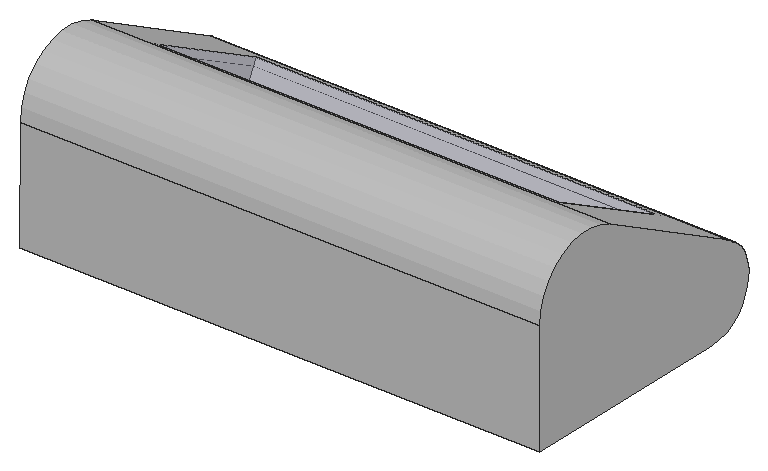
Revit family "Domotics-DomesticRanges-GEWISS-SYSTEM_CONTAINER_INSTRUMENT_BLACK", category Apparecchi elettrici, host Superficie, Revit 2016
Family settings
  Host = Superficie
  Mantenere orientamento annotazione = No
  Tipo di parte = Normale
  Quota connettore circolare = Usa diametro
  Taglio con vuoti quando caricato = Sì
  Condiviso = Sì
  Punto di calcolo locali = Sì
Parameters (values of type "GW24021 - 6 gang smoke grey desktop enclosure")
  Version file RFA = "19.4"
  URL = "https://www.gewiss.com/ww/en"
  Technical sheet = "https://www.gewiss.com/ww/en/search?q=GW24021"
  SEO = "Panel"
  Realized by GEWISS S.p.A. = ""
  Default Elevation = 1219.2 mm
  Produttore = "GEWISS S.p.A."
  Outer dim. LxHxD (mm) = "181x91x60"
  Montaggio [instance] = ""
  Modello = "GW24021"
  Materiale = GEWISS GRIGIO
  Larghezza = 181 mm
  Immagine tipo = GW24021.jpg
  IFC.TypeObject = ""
  IFC.ExportType = ""
  IFC.ExportAs = ""
  IDT = "f03d5fef-28f3-478f-8201-44e4eefb83d7"
  IDF = "cf0e1abf-445b-49e9-9535-7f633fbdca32"
  Electrocod = "0110"
  EAN code = "8011564002302"
  Descrizione = "6 GANG SMOKE GREY DESKTOP ENCLOSURE"
  Description: = "6 gang"
  Colour = "Toner black"
  Catalogue Range = "SYSTEM - BOXES"
  Catalogue = "DOMOTICS"
  COBie.Tagnumber = ""
  COBie.CreatedOn = ""
  COBie.CreatebBy = ""
  COBie.ComponentRegisterItemID = ""
  COBie.Component.TagNumber = ""
  COBie.Component.Space = ""
  COBie.Component.SerialNumber = ""
  COBie.Component.InstallationDate = ""
  COBie.Component.Description = ""
  COBie.Component.BarCode = ""
  Alimentazione [instance] = ""
Types (3, lengths in mm): name | URL | Technical sheet | Produttore | Outer dim. LxHxD (mm) | Modello | Larghezza | Immagine tipo | IDT | EAN code | Descrizione | Description:
  (no name) | 0 | "" | 0 | "" | 0 | 126 | GW24019.jpg | "" | "" | 0 | ""
  GW24019 - 4 gang smoke grey desktop enclosure | "https://www.gewiss.com/ww/en" | "https://www.gewiss.com/ww/en/search?q=GW24019" | "GEWISS S.p.A." | "126x91x60" | "GW24019" | 126 | GW24019.jpg | "adc1b73f-9a13-4530-9c33-02064afa1a35" | "8011564002289" | "4 GANG SMOKE GREY DESKTOP ENCLOSURE" | "4 gang"
  GW24021 - 6 gang smoke grey desktop enclosure | "https://www.gewiss.com/ww/en" | "https://www.gewiss.com/ww/en/search?q=GW24021" | "GEWISS S.p.A." | "181x91x60" | "GW24021" | 181 | GW24021.jpg | "f03d5fef-28f3-478f-8201-44e4eefb83d7" | "8011564002302" | "6 GANG SMOKE GREY DESKTOP ENCLOSURE" | "6 gang"
Values of the unnamed type that differ from the named types
  Version file RFA = ""
  SEO = ""
  IDF = ""
  Electrocod = ""
  Colour = ""
  Catalogue Range = ""
  Catalogue = ""
Reference planes
  plane 1 "Centro (Fronte/Retro)": y = 0
  plane 2: z = 0
  plane 3 "Centro (Sinistra/Destra)": x = 0
  plane 4: y = 65
  plane 5: y = -65
  plane 6: z = 60
  plane 7: y = 36.944
  plane 8: y = 29.468
  plane 9: x = -90.5
  plane 10: x = 90.5
  plane 11: x = -70.5
  plane 12: x = 70.5
  plane 13: y = 32.248
  plane 14: y = -11.899
  plane 15: through (0, 18.164, 5.99) normal (0, 0.4695, 0.8829)
  plane 16: through (0, -8.942, 61.514) normal (0, -0.4695, -0.8829)
Forms (mm)
  Extrusion 1, solid, material "GEWISS GRIGIO" <- "Materiale"
    sketch origin (0, 0, 0) x (0, 1, 0) y (0, 0, 1)
      loop
        arc (29.468, 0) -> (44.918, 12.071) -> (36.944, 29.982) r 15.923
        line (36.944, 29.982) -> (-14.828, 57.509)
        arc (-14.828, 57.509) -> (-35.378, 56.971) -> (-45.5, 39.08) r 20.873
        line (-45.5, 39.08) -> (-45.5, 0) -> (29.468, 0)
    from -90.5 to 90.5
  Extrusion 2, solid, material "GEWISS VETRINO"
    sketch origin (0, -38.983, 70.353) x (0, 0.882948, -0.469472) y (-1, 0, 0)
      loop
        line (30.675, -70.5) -> (80.675, -70.5) -> (80.675, 70.5) -> (30.675, 70.5) -> (30.675, -70.5)
    from -2.553 to 0
  Extrusion 3, void
    sketch origin (0, -40.182, 68.099) x (0, 0.882948, -0.469472) y (-1, 0, 0)
      loop
        line (30.675, -70.5) -> (80.675, -70.5) -> (80.675, 70.5) -> (30.675, 70.5) -> (30.675, -70.5)
    from -27.447 to 8.853
Cuts and joins
  Extrusion 3 cuts Extrusion 1
Dimensions and locks
  equal spacing: plane 4, plane 1 "Centro (Fronte/Retro)", plane 5
  plane 4 to plane 1 "Centro (Fronte/Retro)" = 65 mm
  plane 6 to level = 60 mm
  equal spacing: plane 9, plane 3 "Centro (Sinistra/Destra)", plane 10
  "Larghezza": plane 9 to plane 10
  plane 11 to plane 9 = 20 mm
  plane 10 to plane 12 = 20 mm
  locked: Extrusion 1 to Extrusion 2 at 2.553
  locked: Extrusion 1 to plane 15 at 30
  locked: Extrusion 1 to plane 16 at 6.3
  aligned and locked: plane 2 to host face
  aligned and locked: level to host face
  aligned and locked: plane 7 to Extrusion 1
  aligned and locked: plane 8 to Extrusion 1
  aligned and locked: Extrusion 1 to plane 9
  aligned and locked: plane 10 to Extrusion 1
  aligned and locked: Extrusion 1 to Extrusion 2
  aligned and locked: Extrusion 2 to plane 11
  aligned and locked: plane 12 to Extrusion 2
  aligned and locked: plane 13 to Extrusion 2
  aligned and locked: plane 14 to Extrusion 2
  aligned and locked: Extrusion 3 to Extrusion 2  (x2)
  aligned and locked: Extrusion 3 to plane 15
  aligned and locked: Extrusion 3 to plane 16
Automatic sketch dimensions
  host sketch curve to host sketch curve = 2438.4 mm  (x2)
  Extrusion 1 sketch curve to level = 0 mm
  Extrusion 1 sketch curve to plane 8 = 0 mm
  Extrusion 1 sketch curve to plane 7 = 0 mm
  Extrusion 1 sketch curve to plane 14 = 2.929 mm
  Extrusion 1 sketch curve to plane 14 = 12.728 mm
  Extrusion 1 sketch curve to plane 5 = 19.5 mm
  Extrusion 1 sketch curve to Extrusion 1 sketch curve = 15.923 mm
  Extrusion 1 sketch curve to plane 6 = 20.92 mm
  Extrusion 2 sketch curve to Extrusion 1 = 3.317 mm
  Extrusion 2 sketch curve to Extrusion 1 = 5.318 mm
  Extrusion 1 to Extrusion 2 sketch curve = 20 mm  (x2)
  Extrusion 3 sketch curve to plane 11 = 0 mm
  Extrusion 3 sketch curve to plane 12 = 0 mm
  Extrusion 3 sketch curve to Extrusion 3 sketch curve = 50 mm
